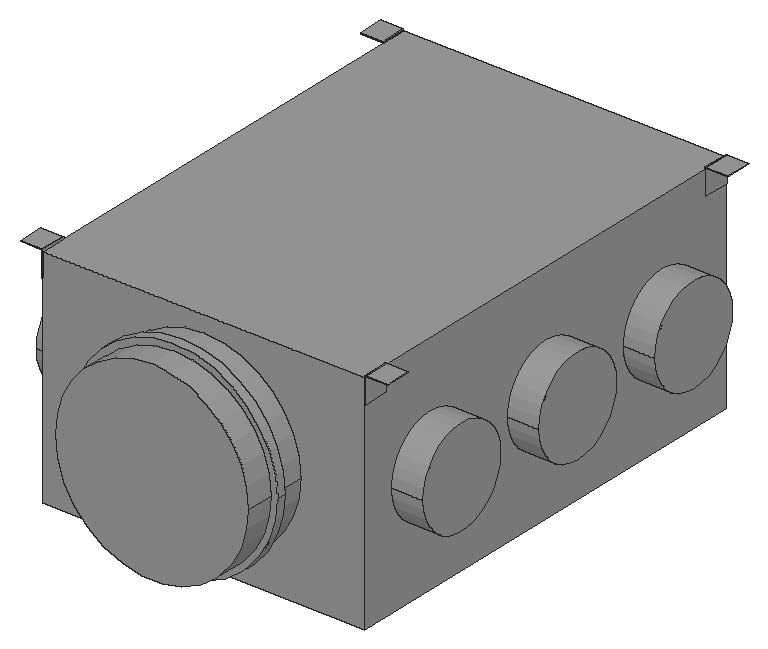
Revit family "FASU(F8-150 300Φ)", category ダクト付属品, Revit 2020
Family settings
  丸型コネクタ寸法 = 直径を使用
  パーツ タイプ = ダンパー
  OmniClass 番号 = 23.75.00.00
  OmniClass タイトル = Climate Control (HVAC)
  作業面ベース = いいえ
  常に垂直 = はい
  ロード時にボイドで切り取り = いいえ
  共有 = いいえ
Parameters
  高さ = 350 mm
  風量 = 0.0 L/s
  符号 = "FASU"
  形式 = "F8-150 300φ"
  幅 [instance] = 500 mm
  奥行き = 700 mm
  大きさ = 250 mm
  呼称 = "FASUチャンバー"
  付属品_下端レベル [instance] = 0 mm
  マテリアル [instance] = 既定値
  ダクト_イン = 300 mm
  ダクト_アウト = 150 mm
  既定の高さ = 0 mm
Reference planes
  plane 1 "中心(正面/背面)": y = 0
  plane 2: z = 0
  plane 3 "中心(左/右)": x = 0
  plane 4: x = -250
  plane 5: x = 250
  plane 6: y = -700
  plane 7: z = 350
  plane 8: z = 175
  plane 9: z = 266.963
  plane 10: z = 86.159
  plane 11: x = -251
  plane 12: z = 313.122
  plane 13: z = 352.122
  plane 14: y = -350
Forms (mm)
  Extrusion 1, solid, material "既定値" <- "マテリアル"
    sketch origin (0, 0, 0) x (1, 0, 0) y (0, 1, 0)
      loop
        line (-250, 0) -> (-250, -700) -> (250, -700) -> (250, 0) -> (-250, 0)
    from 0 to 350
  Extrusion 2, solid, material "既定値" <- "マテリアル"
    sketch origin (0, -30, 0) x (1, 0, 0) y (0, 1, 0)
      loop
        line (-250, 30) -> (-251, 30) -> (-251, -10) -> (-250, -10) -> (-250, 30)
    from 313.122 to 350
  Extrusion 3, solid, material "既定値" <- "マテリアル"
    sketch origin (0, -30, 0) x (1, 0, 0) y (0, 1, 0)
      loop
        line (-285, 30) -> (-285, -10) -> (-251, -10) -> (-251, 30) -> (-285, 30)
    from 352.122 to 350
  Extrusion 4, solid, material "既定値" <- "マテリアル"
    sketch origin (0, -30, 0) x (-1, 0, 0) y (0, -1, 0)
      loop
        line (-250, -30) -> (-250, 10) -> (-251, 10) -> (-251, -30) -> (-250, -30)
    from 313.122 to 353.122
  Extrusion 5, solid, material "既定値" <- "マテリアル"
    sketch origin (0, -30, 0) x (-1, 0, 0) y (0, -1, 0)
      loop
        line (-285, -30) -> (-251, -30) -> (-251, 10) -> (-285, 10) -> (-285, -30)
    from 352.122 to 353.122
  Extrusion 6, solid, material "既定値" <- "マテリアル"
    sketch origin (0, -490, 0) x (1, 0, 0) y (0, 1, 0)
      loop
        line (-285, -170) -> (-285, -210) -> (-251, -210) -> (-251, -170) -> (-285, -170)
    from 352.122 to 353.122
  Extrusion 7, solid, material "既定値" <- "マテリアル"
    sketch origin (0, -490, 0) x (1, 0, 0) y (0, 1, 0)
      loop
        line (-250, -170) -> (-251, -170) -> (-251, -210) -> (-250, -210) -> (-250, -170)
    from 313.122 to 353.122
  Extrusion 8, solid, material "既定値" <- "マテリアル"
    sketch origin (0, -490, 0) x (-1, 0, 0) y (0, -1, 0)
      loop
        line (-285, 170) -> (-251, 170) -> (-251, 210) -> (-285, 210) -> (-285, 170)
    from 352.122 to 353.122
  Extrusion 9, solid, material "既定値" <- "マテリアル"
    sketch origin (0, -490, 0) x (-1, 0, 0) y (0, -1, 0)
      loop
        line (-250, 170) -> (-250, 210) -> (-251, 210) -> (-251, 170) -> (-250, 170)
    from 313.122 to 353.122
  Extrusion 10, solid, material "既定値" <- "マテリアル"
    sketch origin (550, -582.5, 0) x (0, -1, 0) y (0, 0, -1)
      loop
        circle (-232.5, -175) r 74.985
    from -300 to -250
  Extrusion 11, solid, material "既定値" <- "マテリアル"
    sketch origin (-550, -582.5, 0) x (0, -1, 0) y (0, 0, 1)
      loop
        circle (-232.5, 175) r 74.985
    from -300 to -250
  Extrusion 12, solid, material "既定値" <- "マテリアル"
    sketch origin (0, -700, 0) x (1, 0, 0) y (0, 0, 1)
      loop
        circle (0, 175) r 150
    from 0 to 42.5
  Extrusion 13, solid, material "既定値" <- "マテリアル"
    sketch origin (0, -743, 0) x (1, 0, 0) y (0, 0, 1)
      loop
        circle (0, 175) r 160
    from -0.5 to 14.5
  Extrusion 14, solid, material "既定値" <- "マテリアル"
    sketch origin (0, -757.5, 0) x (1, 0, 0) y (0, 0, 1)
      loop
        circle (0, 175) r 150
    from 0 to 42.5
  Extrusion 15, solid, material "既定値" <- "マテリアル"
    sketch origin (550, -357.5, 0) x (0, -1, 0) y (0, 0, -1)
      loop
        circle (-232.5, -175) r 74.985
    from -300 to -250
  Extrusion 16, solid, material "既定値" <- "マテリアル"
    sketch origin (-550, -357.5, 0) x (0, -1, 0) y (0, 0, 1)
      loop
        circle (-232.5, 175) r 74.985
    from -300 to -250
  Extrusion 17, solid, material "既定値" <- "マテリアル"
    sketch origin (550, -142.5, 0) x (0, 1, 0) y (0, 0, 1)
      loop
        circle (-432.5, 175) r 74.985
    from -300 to -250
  Extrusion 18, solid, material "既定値" <- "マテリアル"
    sketch origin (0, -142.5, 0) x (0, 1, 0) y (0, 0, 1)
      loop
        circle (-432.5, 175) r 74.985
    from -300 to -250
  Extrusion 19, solid, material "既定値" <- "マテリアル"
    sketch origin (345.5, 300, 0) x (1, 0, 0) y (0, 0, -1)
      loop
        circle (-232.5, -175) r 74.985
    from -300 to -250
  Extrusion 20, solid, material "既定値" <- "マテリアル"
    sketch origin (-345.5, 300, 0) x (-1, 0, 0) y (0, 0, 1)
      loop
        circle (-232.5, 175) r 74.985
    from -300 to -250
Lines and regions (mm)
  model lines
    curve 1: line (-250, -30, 0) -> (250, -30, 0)
    curve 2: line (-250, -670, 0) -> (250, -670, 0)
Text (mm)
  text "FASU(F8-150 300Φ)" at (3.713, -630.412, 0), in view "参照レベル"
Dimensions and locks
  equal spacing: plane 4, plane 3 "中心(左/右)", plane 5
  "幅": plane 4 to plane 5
  "奥行き": plane 6 to plane 1 "中心(正面/背面)"
  "高さ": plane 7 to level
  equal spacing: plane 7, plane 8, level
  equal spacing: plane 6, plane 14, plane 1 "中心(正面/背面)"
  aligned and locked: level to plane 2
  aligned and locked: Extrusion 1 sketch curve to plane 5
  aligned and locked: plane 7 to Extrusion 1
  aligned and locked: Extrusion 2 sketch curve to Extrusion 1
  aligned and locked: plane 7 to Extrusion 2
  aligned and locked: Extrusion 3 sketch curve to Extrusion 2
  aligned and locked: Extrusion 2 to Extrusion 3 sketch curve
  aligned and locked: plane 7 to Extrusion 3
  aligned and locked: Extrusion 3 to plane 13
  aligned and locked: Extrusion 4 to Extrusion 5 sketch curve
  aligned and locked: Extrusion 5 sketch curve to Extrusion 4
  aligned and locked: Extrusion 1 to Extrusion 8
  aligned and locked: Extrusion 6 to Extrusion 1
  aligned and locked: Extrusion 7 to Extrusion 1
  aligned and locked: Extrusion 1 to Extrusion 9
  aligned and locked: Extrusion 9 to Extrusion 8
  aligned and locked: Extrusion 7 to Extrusion 6
  aligned and locked: plane 4 to Extrusion 7
  aligned and locked: Extrusion 9 to plane 5
  aligned and locked: plane 4 to curve 1
  aligned and locked: plane 5 to curve 1
  aligned and locked: plane 5 to curve 2
  aligned and locked: Extrusion 1 to Extrusion 3
  aligned and locked: Extrusion 5 to Extrusion 1
  aligned and locked: Extrusion 4 to plane 5
  aligned and locked: Extrusion 1 to plane 6
  aligned and locked: Extrusion 1 to plane 1 "中心(正面/背面)"
  aligned and locked: plane 6 to Extrusion 12
  aligned and locked: Extrusion 15 to plane 5
  aligned and locked: plane 4 to Extrusion 16
  aligned and locked: Extrusion 17 to plane 5
  aligned and locked: plane 4 to Extrusion 18
  aligned and locked: plane 1 "中心(正面/背面)" to Extrusion 19
  aligned and locked: plane 1 "中心(正面/背面)" to Extrusion 20
Automatic sketch dimensions
  curve 2 to plane 4 = 0 mm
  plane 6 to curve 2 = 30 mm
  plane 1 "中心(正面/背面)" to curve 1 = 30 mm
  Extrusion 1 sketch curve to plane 4 = 0 mm
  Extrusion 1 sketch curve to plane 6 = 0 mm
  plane 1 "中心(正面/背面)" to Extrusion 1 sketch curve = 0 mm
  plane 1 "中心(正面/背面)" to Extrusion 2 sketch curve = 0 mm
  Extrusion 2 sketch curve to plane 11 = 0 mm
  Extrusion 2 sketch curve to Extrusion 2 sketch curve = 40 mm
  plane 1 "中心(正面/背面)" to Extrusion 3 sketch curve = 0 mm
  Extrusion 3 sketch curve to Extrusion 3 sketch curve = 34 mm
  plane 1 "中心(正面/背面)" to Extrusion 4 sketch curve = 0 mm
  Extrusion 4 sketch curve to plane 5 = 0 mm
  Extrusion 4 sketch curve to Extrusion 4 sketch curve = 1 mm
  Extrusion 4 sketch curve to Extrusion 4 sketch curve = 40 mm
  plane 1 "中心(正面/背面)" to Extrusion 5 sketch curve = 0 mm
  Extrusion 5 sketch curve to Extrusion 5 sketch curve = 34 mm
  Extrusion 6 sketch curve to plane 6 = 0 mm
  Extrusion 6 sketch curve to plane 11 = 0 mm
  Extrusion 6 sketch curve to plane 11 = 34 mm
  plane 6 to Extrusion 6 sketch curve = 40 mm
  Extrusion 7 sketch curve to plane 11 = 0 mm
  Extrusion 7 sketch curve to plane 4 = 0 mm
  Extrusion 7 sketch curve to plane 6 = 0 mm
  plane 6 to Extrusion 7 sketch curve = 40 mm
  Extrusion 8 sketch curve to plane 6 = 0 mm
  Extrusion 8 sketch curve to plane 5 = 35 mm
  Extrusion 8 sketch curve to plane 5 = 1 mm
  Extrusion 8 sketch curve to Extrusion 8 sketch curve = 40 mm
  Extrusion 9 sketch curve to plane 6 = 0 mm
  Extrusion 9 sketch curve to plane 5 = 0 mm
  Extrusion 9 sketch curve to Extrusion 9 sketch curve = 1 mm
  Extrusion 9 sketch curve to Extrusion 9 sketch curve = 40 mm
  Extrusion 10 sketch curve to plane 8 = 0 mm
  Extrusion 10 sketch curve to plane 14 = 0 mm
  Extrusion 11 sketch curve to plane 8 = 0 mm
  Extrusion 11 sketch curve to plane 14 = 0 mm
  Extrusion 12 sketch curve to plane 3 "中心(左/右)" = 0 mm
  Extrusion 12 sketch curve to plane 8 = 0 mm
  Extrusion 13 sketch curve to plane 3 "中心(左/右)" = 0 mm
  Extrusion 13 sketch curve to plane 8 = 0 mm
  Extrusion 14 sketch curve to plane 3 "中心(左/右)" = 0 mm
  Extrusion 14 sketch curve to plane 8 = 0 mm
  Extrusion 15 sketch curve to plane 8 = 0 mm
  plane 1 "中心(正面/背面)" to Extrusion 15 sketch curve = 125 mm
  Extrusion 16 sketch curve to plane 8 = 0 mm
  plane 1 "中心(正面/背面)" to Extrusion 16 sketch curve = 125 mm
  Extrusion 17 sketch curve to plane 8 = 0 mm
  plane 6 to Extrusion 17 sketch curve = 125 mm
  Extrusion 18 sketch curve to plane 8 = 0 mm
  plane 6 to Extrusion 18 sketch curve = 125 mm
  Extrusion 19 sketch curve to plane 8 = 0 mm
  plane 3 "中心(左/右)" to Extrusion 19 sketch curve = 113 mm
  Extrusion 20 sketch curve to plane 8 = 0 mm
  Extrusion 20 sketch curve to plane 3 "中心(左/右)" = 113 mm
  radius of Extrusion 10 sketch curve = 74.985 mm
  radius of Extrusion 11 sketch curve = 74.985 mm
  radius of Extrusion 12 sketch curve = 150 mm
  radius of Extrusion 13 sketch curve = 160 mm
  radius of Extrusion 14 sketch curve = 150 mm
  radius of Extrusion 15 sketch curve = 74.985 mm
  radius of Extrusion 16 sketch curve = 74.985 mm
  radius of Extrusion 17 sketch curve = 74.985 mm
  radius of Extrusion 18 sketch curve = 74.985 mm
  radius of Extrusion 19 sketch curve = 74.985 mm
  radius of Extrusion 20 sketch curve = 74.985 mm
Connectors
  hvac at (-300, -575, 175), driven by "ダクト_アウト"
    settings: on Extrusion 18, index 1, duct flow 0.0 L/s, flow factor 0, pres drop 0.0 Pa, loss coef 0, conn angle 0.00°, conn width 304.8 mm, conn height 304.8 mm, conn diameter 150 mm, duct sys type 29, conn prof type 0, flow config 0, flow direction 2, loss method 0, conn ref index -1, conn util no, is conn primary yes, conn desc ""
  hvac at (-300, -350, 175), driven by "ダクト_アウト"
    settings: on Extrusion 11, index 2, duct flow 0.0 L/s, flow factor 0, pres drop 0.0 Pa, loss coef 0, conn angle 0.00°, conn width 304.8 mm, conn height 304.8 mm, conn diameter 150 mm, duct sys type 29, conn prof type 0, flow config 0, flow direction 2, loss method 0, conn ref index -1, conn util no, is conn primary no, conn desc ""
  hvac at (-300, -125, 175), driven by "ダクト_アウト"
    settings: on Extrusion 16, index 3, duct flow 0.0 L/s, flow factor 0, pres drop 0.0 Pa, loss coef 0, conn angle 0.00°, conn width 304.8 mm, conn height 304.8 mm, conn diameter 150 mm, duct sys type 29, conn prof type 0, flow config 0, flow direction 2, loss method 0, conn ref index -1, conn util no, is conn primary no, conn desc ""
  hvac at (-113, 50, 175), driven by "ダクト_アウト"
    settings: on Extrusion 20, index 4, duct flow 0.0 L/s, flow factor 0, pres drop 0.0 Pa, loss coef 0, conn angle 0.00°, conn width 304.8 mm, conn height 304.8 mm, conn diameter 150 mm, duct sys type 29, conn prof type 0, flow config 0, flow direction 2, loss method 0, conn ref index -1, conn util no, is conn primary no, conn desc ""
  hvac at (113, 50, 175), driven by "ダクト_アウト"
    settings: on Extrusion 19, index 5, duct flow 0.0 L/s, flow factor 0, pres drop 0.0 Pa, loss coef 0, conn angle 0.00°, conn width 304.8 mm, conn height 304.8 mm, conn diameter 150 mm, duct sys type 29, conn prof type 0, flow config 0, flow direction 2, loss method 0, conn ref index -1, conn util no, is conn primary no, conn desc ""
  hvac at (300, -125, 175), driven by "ダクト_アウト"
    settings: on Extrusion 15, index 6, duct flow 0.0 L/s, flow factor 0, pres drop 0.0 Pa, loss coef 0, conn angle 0.00°, conn width 304.8 mm, conn height 304.8 mm, conn diameter 150 mm, duct sys type 29, conn prof type 0, flow config 0, flow direction 2, loss method 0, conn ref index -1, conn util no, is conn primary no, conn desc ""
  hvac at (300, -350, 175), driven by "ダクト_アウト"
    settings: on Extrusion 10, index 7, duct flow 0.0 L/s, flow factor 0, pres drop 0.0 Pa, loss coef 0, conn angle 0.00°, conn width 304.8 mm, conn height 304.8 mm, conn diameter 150 mm, duct sys type 29, conn prof type 0, flow config 0, flow direction 2, loss method 0, conn ref index -1, conn util no, is conn primary no, conn desc ""
  hvac at (300, -575, 175), driven by "ダクト_アウト"
    settings: on Extrusion 17, index 8, duct flow 0.0 L/s, flow factor 0, pres drop 0.0 Pa, loss coef 0, conn angle 0.00°, conn width 304.8 mm, conn height 304.8 mm, conn diameter 150 mm, duct sys type 29, conn prof type 0, flow config 0, flow direction 2, loss method 0, conn ref index -1, conn util no, is conn primary no, conn desc ""
  hvac at (0, -800, 175), driven by "ダクト_イン"
    settings: on Extrusion 14, index 9, duct flow 0.0 L/s, flow factor 0, pres drop 0.0 Pa, loss coef 0, conn angle 0.00°, conn width 304.8 mm, conn height 304.8 mm, conn diameter 300 mm, duct sys type 29, conn prof type 0, flow config 0, flow direction 1, loss method 0, conn ref index -1, conn util no, is conn primary no, conn desc ""
